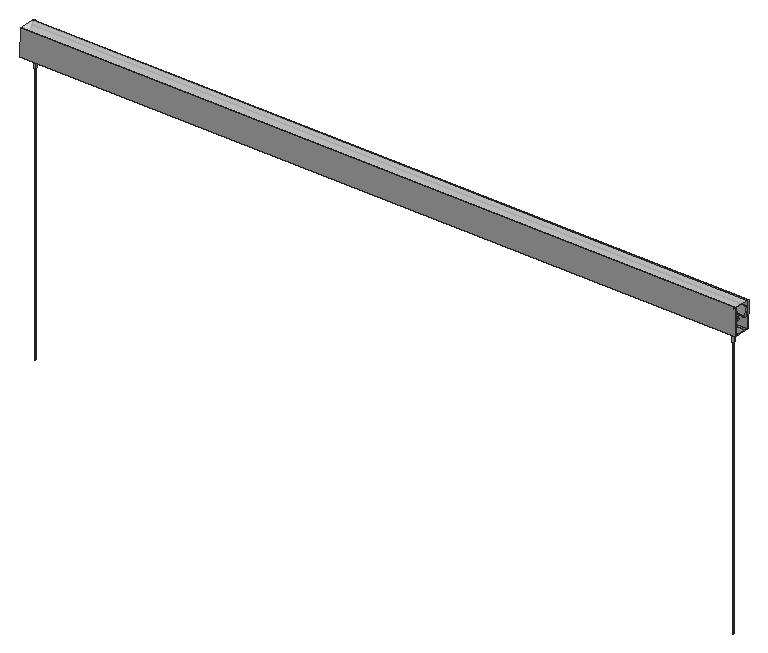
Revit family "2093117 Sylvania Lighting Fixture MC2 2-4M 4K DALI WHT OPAL", category Lighting Fixtures, host Face, Revit 2016
Family settings
  Host = Face
  Part Type = Normal
  Round Connector Dimension = Use Diameter
  OmniClass Number = 23.80.70.11.17
  OmniClass Title = Specialized Lighting by Location or Use
  Cut with Voids When Loaded = No
  Light Source = Yes
  Shared = No
  Room Calculation Point = No
Parameters (values of type "2093117 MC2 2.4M 4K DALI WHT OPAL")
  Width_SYL = 54.0 mm
  Weight = "5.544 kg"
  Wattage = 42 W
  WarrantyStartDate [instance] = "n/a"
  WarrantyGuarantorParts = "n/a"
  WarrantyDurationUnit = "n/a"
  WarrantyDurationParts = "n/a"
  WarrantyDescription = "n/a"
  built-in parameter 1150110 = 1 (stored number, unit not read)
  Voltage = 0 V
  URL = "http://www.sylvania-lighting.com"
  TypeName = "MC2 2.4M 4K DALI WHT OPAL"
  built-in parameter 1114217 = 1 (stored number, unit not read)
  Tilt Angle = -90.00°
  built-in parameter 1150109 = 1 (stored number, unit not read)
  built-in parameter 1150134 = 12
  built-in parameter 1150113 = 1 (stored number, unit not read)
  SerialNumber [instance] = "n/a"
  PowerFactor = 0.98
  PowerConsumption = "42 W"
  NominalWidth = 0.0 mm
  NominalLength = 2400.0 mm
  NominalHeight = 86.0 mm
  Name = "MC2 2.4M 4K DALI WHT OPAL"
  ModelReference = "MC2 2.4M 4K DALI WHT OPAL"
  ModelNumber = "2093117"
  Material_3_SYL = Metal_Sylvania_Mini Contiuum II_Silver
  Photometric Web File = "2093117.ies"
  Material_4_SYL = Metal_Sylvania_Mini Contiuum II_Silver
  MountingHeight_SYL [instance] = 1000.0 mm
  Material = "aluminium housing, polycarbonate diffuser"
  ManufacturerName = "Feilo Sylvania"
  LuminousEfficacy = "111 lm/W"
  LuminaireType = ""
  LightOutputRatio = "100"
  Length_SYL = 2400.0 mm
  LampsType = Lamp  # "LED"
  LampNominalLuminous = "4680 lm"
  LampMacAdamStep = "3"
  LampColourTemperature = "4000 K"
  LampColourRenderingIndex = "80"
  Keynote = "16500"
  InstallationDate [instance] = "n/a"
  InputVoltage = "n/a"
  InputNominalFrequency = "n/a"
  IngressProtection = "IP20"
  ImpactProtectionIndex = "n/a"
  IfcExportType = "IfcLightFixtureType"
  IfcExportAs = "IfcLightFixtureType"
  Height_SYL = 86.0 mm
  ExpectedLife = 50000
  EndCapRight_SYL [instance] = no
  EndCapLeft_SYL [instance] = no
  Emit from Rectangle Width = Width_SYL - 2.0 mm  # 52.0 mm
  Emit from Rectangle Length = Length_SYL  # 2400.0 mm
  Emit Shape Visible in Rendering = no
  ElectricShockClassification = "Class I"
  DurationUnit = "hours"
  DocumentationLiterature = "http://www.sylvania-lighting.com/product/en-int/products/2093117"
  DimmingControlOptions = "n/a"
  CreatedOn = "10/15/2018"
  CreatedBy = "@sylvania-lighting.com"
  built-in parameter 1114216 [instance] = 1 (stored number, unit not read)
  Model = "MC2 2.4M 4K DALI WHT OPAL"
  Manufacturer = "Feilo Sylvania"
  built-in parameter 1150105 = 370.99 (stored number, unit not read)
  Lumens = 4662 lm
  built-in parameter 1150115 = 1 (stored number, unit not read)
  built-in parameter 1150137 = (empty or 0)
  built-in parameter 1150139 = (empty or 0)
  built-in parameter 1150112 = 1 (stored number, unit not read)
  built-in parameter 1150114 = 1 (stored number, unit not read)
  Lamp = "LED"
  built-in parameter 1150132 = 2
  built-in parameter 1150102 = (empty or 0)
  built-in parameter 1150107 = 4000 (stored number, unit not read)
  built-in parameter 1150138 = (empty or 0)
  built-in parameter 1150106 = 3.7099 (stored number, unit not read)
  Material_1_SYL = Metal_Sylvania_Mini Continuum II_White
  built-in parameter 1150104 = 10.312 (stored number, unit not read)
  Dimming Lamp Color Temperature Shift = <None>
  Material_2_SYL = Polycarbonate_Sylvania_Mini Continuum II_Opal_4000K
  Description = "2093117   MC2 2.4M 4K DALI WHT OPAL  Continuous lines of LED light, white RAL 9016, direct distribution, trimless detail for a seamless finish, suitable for recessed, semi-recessed, surface-mounted or suspended installation either horizontally or vertically, various accessories available, compact and minimalist design based on the Golden Mean, ideal for offices, meeting rooms, corridors, education facilities, museums and libraries, extruded aluminium body, diffuser: opal, colour temperature: 4000K neutral white, total system power: 42W, total fixture output: 4414lm, luminaire efficacy: 105lm/W, LOR: 100%, colour rendering: Ra >80, LED Chromacity: 1 step MacAdam ellipse, lifetime: 60,000 hours at 90% of the original output (L90), energy class: A++, A+, A, IR/UV free light source without heat radiation, operating voltage: 220-240V / 50-60Hz, drive current: 800mA, electronic driver, DALI dimmable, electrical protection: CLASS I, IP20, suitable for internal environment only."
  Default Elevation = 0.0 mm
  Color Filter = 16777215
  built-in parameter 1140040 [instance] = 1
  BarCode [instance] = "n/a"
  built-in parameter 1114218 = 1 (stored number, unit not read)
  built-in parameter 1150133 = 10 (stored number, unit not read)
  AssetType = "Fixed"
  AssetIdentifier [instance] = "n/a"
  Assembly Code = "D5020200"
  Apparent Load = 42 VA
Reference planes
  plane 1 "Center (Front/Back)": y = 0
  plane 2 "Bottom Fixtures": z = 0
  plane 3 "Center (Left/Right)": x = 0
  plane 4 "Fixture Left": x = -1200
  plane 5 "Fixture Right": x = 1200
  plane 6 "Fixture Bottom": z = 1000
  plane 7: z = 998
  plane 8: z = 996
  plane 9: z = 986.951
  plane 10: z = 956.951
  plane 11 "Fixture Top": z = 914
  plane 12 "Mounting Right": x = 1172
  plane 13 "Mounting Left": x = -1172
  plane 14: z = 879
  plane 15: y = 27
  plane 16: y = -27
  plane 17: y = -26
  plane 18: y = -25
  plane 19: y = 26
  plane 20: y = 25
  plane 21: y = 11
  plane 22: y = -11
  plane 23: y = 24
  plane 24: y = 22
  plane 25: y = -22
  plane 26: y = 15
  plane 27: y = -15
  plane 28 "Upper Diffuser Left": x = -1050
  plane 29 "Upper Diffuser Right": x = 1050
  plane 30: x = -1202
  plane 31: x = 1202
Forms (mm)
  Extrusion 1, solid, material "Metal_Sylvania_Mini Continuum II_White" <- "Material_1_SYL", detail levels fine
    sketch origin (0, 0, 520) x (0, 1, 0) y (0, 0, 1)
      loop
        line (27, 480) -> (26, 480) -> (26, 478) -> (25, 478) -> (25, 396) -> (13, 396) -> (13, 398) -> (-13, 398) -> (-13, 396) -> (-25, 396) -> (-25, 478) -> (-26, 478) -> (-26, 480) -> (-27, 480) -> (-27, 394) -> (-11, 394) -> (-11, 396) -> (11, 396) -> (11, 394) -> (27, 394) -> (27, 480)
    from -1200 to 1200
  Extrusion 2, solid, material "Polycarbonate_Sylvania_Mini Continuum II_Opal_4000K" <- "Material_2_SYL", detail levels fine
    sketch origin (0, 0, 520) x (0, 1, 0) y (0, 0, 1)
      loop
        line (-26, 480) -> (-26, 478) -> (26, 478) -> (26, 480) -> (-26, 480)
    from -1200 to 1200
  Extrusion 3, solid, material "Metal_Sylvania_Mini Contiuum II_Silver" <- "Material_3_SYL", detail levels fine
    sketch origin (0, 0, 520) x (0, 1, 0) y (0, 0, 1)
      loop
        line (22, 466.951) -> (20.973, 466.951) -> (14.206, 437.951) -> (11, 437.951) -> (11, 436.951) -> (15, 436.951) -> (22, 466.951)
      loop
        line (-15, 436.951) -> (-11, 436.951) -> (-11, 437.951) -> (-14.206, 437.951) -> (-20.973, 466.951) -> (-22, 466.951) -> (-15, 436.951)
    from -1200 to 1200
  Extrusion 4, solid, material "Metal_Sylvania_Mini Continuum II_White" <- "Material_1_SYL", detail levels coarse+medium
    sketch origin (0, 0, 520) x (0, 1, 0) y (0, 0, 1)
      loop
        line (-27, 480) -> (-27, 394) -> (27, 394) -> (27, 480) -> (-27, 480)
    from -1200 to 1200
  Extrusion 5, solid, material "Metal_Sylvania_Mini Contiuum II_Silver" <- "Material_4_SYL", detail levels fine
    sketch origin (0, 0, -86) x (-1, 0, 0) y (0, -1, 0)
      loop
        circle (1172, 0) r 4
      loop
        circle (-1172, 0) r 4
    from 965 to 1002
  Extrusion 6, solid, material "Metal_Sylvania_Mini Contiuum II_Silver" <- "Material_4_SYL", detail levels fine
    sketch origin (0, 0, -86) x (-1, 0, 0) y (0, -1, 0)
      loop
        circle (-1172, 0) r 1
      loop
        circle (1172, 0) r 1
    from 86 to 965
  Extrusion 7, solid, material "Metal_Sylvania_Mini Continuum II_White" <- "Material_1_SYL", visible <- "EndCapLeft_SYL"
    sketch origin (-1200, 171.684, 1219.2) x (0, 1, 0) y (0, 0, 1)
      loop
        line (-198.684, -305.2) -> (-144.684, -305.2) -> (-144.684, -219.2) -> (-198.684, -219.2) -> (-198.684, -305.2)
    from 0 to -2
  Extrusion 8, solid, material "Metal_Sylvania_Mini Continuum II_White" <- "Material_1_SYL", visible <- "EndCapRight_SYL"
    sketch origin (1200, 171.684, 1219.2) x (0, 1, 0) y (0, 0, -1)
      loop
        line (-144.684, 219.2) -> (-144.684, 305.2) -> (-198.684, 305.2) -> (-198.684, 219.2) -> (-144.684, 219.2)
    from 0 to -2
Lines and regions (mm)
  Masking region 1
    outline origin (0, 0, -86) x (-1, 0, 0) y (0, -1, 0)
      loop
        line (1200, -27) -> (1200, 27) -> (-1200, 27) -> (-1200, -27) -> (1200, -27)
  symbolic lines, detail levels fine
    curve 1: line (-1200, 26, -86) -> (1200, 26, -86)
    curve 2: line (-1200, -26, -86) -> (1200, -26, -86)
  model lines, detail levels coarse+medium
    curve 3: line (-1172, 0, 914) -> (-1172, 0, 0)
    curve 4: line (1172, 0, 914) -> (1172, 0, 0)
Dimensions and locks
  host sketch curve to plane 3 "Center (Left/Right)" to host sketch curve = 820.0 mm, 775.047 mm
  equal spacing: plane 4 "Fixture Left", plane 3 "Center (Left/Right)", plane 5 "Fixture Right"
  "Length_SYL": plane 4 "Fixture Left" to plane 5 "Fixture Right"
  plane 6 "Fixture Bottom" to plane 7 to plane 8 to plane 9 to plane 10 = 2.0 mm locked, 2.0 mm locked, 9.049 mm locked, 30.0 mm locked
  locked: Extrusion 1 sketch curve to Extrusion 1 sketch curve at 2
  locked: Extrusion 1 sketch curve to plane 11 "Fixture Top" at 2
  "Height_SYL": plane 6 "Fixture Bottom" to plane 11 "Fixture Top"
  locked: plane 12 "Mounting Right" to plane 5 "Fixture Right" at 28
  locked: plane 4 "Fixture Left" to plane 13 "Mounting Left" at 28
  locked: plane 11 "Fixture Top" to plane 14 at 35
  "MountingHeight_SYL": plane 6 "Fixture Bottom" to plane 2 "Bottom Fixtures"
  equal spacing: plane 15, plane 1 "Center (Front/Back)", plane 16
  "Width_SYL": plane 15 to plane 16
  plane 22 to plane 27 to plane 25 to plane 18 to plane 17 to plane 16 = 4.0 mm locked, 7.0 mm locked, 3.0 mm locked, 1.0 mm locked, 1.0 mm locked
  plane 15 to plane 19 to plane 20 to plane 23 to plane 24 to plane 26 to plane 21 = 1.0 mm locked, 1.0 mm locked, 1.0 mm locked, 2.0 mm locked, 7.0 mm locked, 4.0 mm locked
  locked: plane 4 "Fixture Left" to plane 28 "Upper Diffuser Left" at 150
  locked: plane 29 "Upper Diffuser Right" to plane 5 "Fixture Right" at 150
  equal spacing: plane 30, plane 3 "Center (Left/Right)", plane 31
  locked: plane 30 to plane 4 "Fixture Left" at 2
  aligned and locked: plane 2 "Bottom Fixtures" to host face
  aligned and locked: level to host face
  aligned and locked: plane 5 "Fixture Right" to curve 1
  aligned and locked: plane 4 "Fixture Left" to curve 1
  aligned and locked: plane 4 "Fixture Left" to curve 2
  aligned and locked: plane 5 "Fixture Right" to curve 2
  aligned and locked: Extrusion 1 sketch curve to plane 7
  aligned and locked: plane 6 "Fixture Bottom" to Extrusion 1 sketch curve  (x2)
  aligned and locked: plane 7 to Extrusion 1 sketch curve
  aligned and locked: Extrusion 1 to Extrusion 2 sketch curve
  aligned and locked: Extrusion 2 sketch curve to Extrusion 1  (x3)
  aligned and locked: Extrusion 3 sketch curve to plane 10
  aligned and locked: plane 9 to Extrusion 3 sketch curve
  aligned and locked: Extrusion 3 sketch curve to plane 9
  aligned and locked: Extrusion 4 sketch curve to plane 6 "Fixture Bottom"
  aligned and locked: Extrusion 4 to plane 4 "Fixture Left"
  aligned and locked: Extrusion 2 to plane 4 "Fixture Left"
  aligned and locked: Extrusion 3 to plane 4 "Fixture Left"
  aligned and locked: Extrusion 1 to plane 4 "Fixture Left"
  aligned and locked: Extrusion 4 to plane 5 "Fixture Right"
  aligned and locked: Extrusion 2 to plane 5 "Fixture Right"
  aligned and locked: Extrusion 3 to plane 5 "Fixture Right"
  aligned and locked: Extrusion 1 to plane 5 "Fixture Right"
  aligned and locked: plane 11 "Fixture Top" to Extrusion 4 sketch curve
  aligned and locked: Extrusion 1 sketch curve to plane 11 "Fixture Top"  (x2)
  aligned and locked: Extrusion 1 sketch curve to Extrusion 1 sketch curve
  aligned and locked: plane 6 "Fixture Bottom" to imposter light
  aligned and locked: plane 11 "Fixture Top" to curve 3
  aligned and locked: plane 2 "Bottom Fixtures" to curve 3
  aligned and locked: plane 11 "Fixture Top" to curve 4
  aligned and locked: plane 2 "Bottom Fixtures" to curve 4
  aligned and locked: curve 4 to plane 12 "Mounting Right"
  aligned and locked: curve 3 to plane 13 "Mounting Left"
  aligned and locked: Extrusion 5 to Extrusion 1
  aligned and locked: Extrusion 5 to plane 14
  aligned and locked: plane 14 to Extrusion 6
  aligned and locked: Extrusion 6 to level
  aligned and locked: plane 21 to Extrusion 3 sketch curve
  aligned and locked: Extrusion 3 sketch curve to plane 22
  aligned and locked: Extrusion 7 sketch curve to Extrusion 4  (x4)
  aligned and locked: Extrusion 7 to plane 30
  aligned and locked: plane 4 "Fixture Left" to Extrusion 7
  aligned and locked: Extrusion 8 sketch curve to Extrusion 4  (x4)
  aligned and locked: plane 31 to Extrusion 8
  aligned and locked: plane 5 "Fixture Right" to Extrusion 8
Automatic sketch dimensions
  host sketch curve to host sketch curve = 1047.463 mm
  plane 19 to curve 1 = 0.0 mm
  curve 2 to plane 17 = 0.0 mm
  Masking region 1 sketch curve to plane 5 "Fixture Right" = 0.0 mm
  Masking region 1 sketch curve to plane 4 "Fixture Left" = 0.0 mm
  plane 15 to Masking region 1 sketch curve = 0.0 mm
  Masking region 1 sketch curve to plane 16 = 0.0 mm
  Extrusion 1 sketch curve to plane 16 = 0.0 mm
  Extrusion 1 sketch curve to plane 17 = 0.0 mm
  Extrusion 1 sketch curve to plane 18 = 0.0 mm
  Extrusion 1 sketch curve to plane 22 = 0.0 mm
  Extrusion 1 sketch curve to plane 21 = 0.0 mm
  Extrusion 1 sketch curve to plane 20 = 0.0 mm
  Extrusion 1 sketch curve to plane 19 = 0.0 mm
  Extrusion 1 sketch curve to plane 15 = 0.0 mm
  plane 11 "Fixture Top" to Extrusion 1 sketch curve = 2.0 mm
  Extrusion 1 sketch curve to plane 22 = 2.0 mm
  Extrusion 1 sketch curve to plane 21 = 2.0 mm
  Extrusion 3 sketch curve to plane 25 = 0.0 mm
  Extrusion 3 sketch curve to plane 27 = 0.0 mm
  Extrusion 3 sketch curve to plane 26 = 0.0 mm
  Extrusion 3 sketch curve to plane 24 = 0.0 mm
  plane 10 to Extrusion 3 sketch curve = 1.0 mm
  Extrusion 3 sketch curve to Extrusion 3 sketch curve = 1.027 mm
  plane 27 to Extrusion 3 sketch curve = 0.794 mm
  plane 26 to Extrusion 3 sketch curve = 0.794 mm
  plane 24 to Extrusion 3 sketch curve = 1.027 mm
  Extrusion 4 sketch curve to plane 16 = 0.0 mm
  Extrusion 4 sketch curve to plane 15 = 0.0 mm
  plane 1 "Center (Front/Back)" to Extrusion 5 sketch curve = 0.0 mm  (x2)
  Extrusion 5 sketch curve to plane 12 "Mounting Right" = 0.0 mm
  Extrusion 5 sketch curve to plane 13 "Mounting Left" = 0.0 mm
  plane 1 "Center (Front/Back)" to Extrusion 6 sketch curve = 0.0 mm  (x2)
  Extrusion 6 sketch curve to plane 12 "Mounting Right" = 0.0 mm
  Extrusion 6 sketch curve to plane 13 "Mounting Left" = 0.0 mm
  Extrusion 3 sketch curve to Extrusion 3 sketch curve = 0.0 mm
  Extrusion 3 sketch curve to plane 10 = 0.0 mm
  radius of Extrusion 5 sketch curve = 4.0 mm  (x2)
  radius of Extrusion 6 sketch curve = 1.0 mm  (x2)
Connectors
  electrical at (1200, 0, 949), driven by "Apparent Load"
    settings: on Extrusion 1, index 1, voltage 230 V, apparent load 0 VA, apparent load phase1 42 VA, apparent load phase2 0 VA, apparent load phase3 0 VA, power factor 1, load classification "Lighting", number of poles 1, system type 31, power factor state 1, is connector primary yes, connector utility no, sub classification motor no, connector description ""
